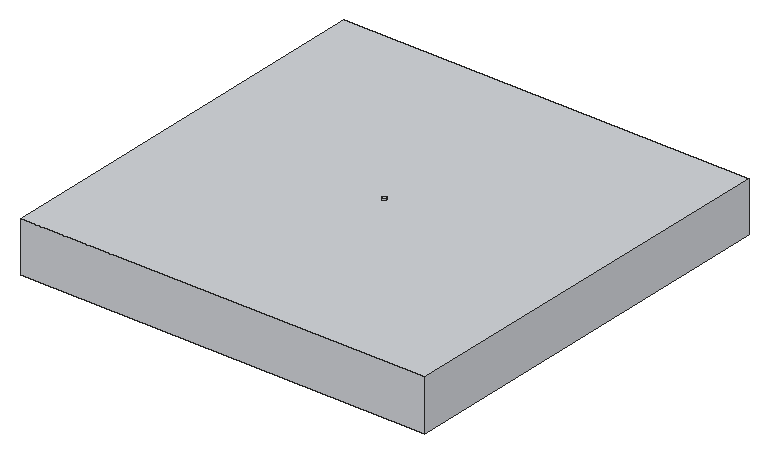
Revit family "M_Iluminação fixa - Conector de alimentação desequilibrada", category Luminárias, Revit 2019
Family settings
  Hospedeiro = Face
  Cota do conector redondo = Utilizar diâmetro
  Tipo de parte = Normal
  Número OmniClass = 23.80.70.00
  Título OmniClass = Lighting
  ID de item do Seek = Lighting Fixtures - Unbalanced Power Connector-0000-CAN-ENU
  Corte com vazios quando carregada = Não
  Fonte luminosa = Sim
  Compartilhado = Não
  Ponto de cálculo do ambiente = Não
Parameters (values of type "277 V")
  Wattage = 9.2903 W
  built-in parameter 1150110 = 1 (stored number, unit not read)
  built-in parameter 1114217 = 1 (stored number, unit not read)
  Espessura = 3.2 mm
  built-in parameter 1150109 = 1 (stored number, unit not read)
  built-in parameter 1150134 = (empty or 0)
  built-in parameter 1150113 = 1 (stored number, unit not read)
  Raio = Diâmetro / 2  # 12.7 mm
  Lumens = 1380 lm
  built-in parameter 1150115 = 1 (stored number, unit not read)
  built-in parameter 1150105 = 109.82 (stored number, unit not read)
  Classificação de carga = Iluminação
  Light Source Symbol Size = 609.6 mm
  built-in parameter 1150137 = (empty or 0)
  built-in parameter 1150139 = (empty or 0)
  built-in parameter 1150112 = 1 (stored number, unit not read)
  built-in parameter 1150114 = 1 (stored number, unit not read)
  built-in parameter 1150132 = 2
  built-in parameter 1150102 = (empty or 0)
  built-in parameter 1150138 = (empty or 0)
  built-in parameter 1150107 = 3000 (stored number, unit not read)
  built-in parameter 1150106 = 1.0982 (stored number, unit not read)
  built-in parameter 1150104 = 13.8 (stored number, unit not read)
  Dimming Lamp Color Temperature Shift = (empty or 0)
  Diâmetro = 25.4 mm
  Elevação-padrão = 1200 mm
  Voltagem do conector = 277 V
  Número de pólos do conector = 1
  Color Filter = 16777215
  built-in parameter 1114218 = 1 (stored number, unit not read)
  built-in parameter 1150133 = 10 (stored number, unit not read)
Types (6, lengths in mm): name | Espessura | Voltagem do conector | Número de pólos do conector
  (no name) | 3.2 | 277 V | 1
  120 V | 3.175 | 120 V | 1
  277 V | 3.2 | 277 V | 1
  240 V | 3.175 | 240 V | 2
  208 V | 3.175 | 208 V | 3
  480 V | 3.175 | 480 V | 3
Reference planes
  plane 1 "Centro (Frente/Trás)": y = 0
  plane 2: z = 0
  plane 3 "Centro (Esquerda/Direita)": x = 0
  plane 4: z = 3.2
Forms (mm)
  Extrusion 1, solid
    sketch origin (0, 0, 0) x (1, 0, 0) y (0, 1, 0)
      loop
        line (-1219.2, 1219.2) -> (-1219.2, -1219.2) -> (1219.2, -1219.2) -> (1219.2, 1219.2) -> (-1219.2, 1219.2)
    from 0 to -304.8
  Extrusion 2, solid
    sketch origin (0, 0, 0) x (1, 0, 0) y (0, 1, 0)
      loop
        circle (0, 0) r 12.7
    from 3.2 to 0
Dimensions and locks
  "Espessura": plane 4 to plane 2
  "Raio": radius of Extrusion 2 sketch curve
  aligned and locked: plane 2 to Extrusion 1
  aligned and locked: level to Extrusion 1
  aligned and locked: plane 1 "Centro (Frente/Trás)" to Extrusion 2 sketch curve
  aligned and locked: plane 3 "Centro (Esquerda/Direita)" to Extrusion 2 sketch curve
  aligned and locked: Extrusion 2 to plane 2
  aligned and locked: plane 4 to Extrusion 2
  aligned and locked: plane 3 "Centro (Esquerda/Direita)" to imposter light
  aligned and locked: plane 1 "Centro (Frente/Trás)" to imposter light
  aligned and locked: plane 2 to imposter light
Automatic sketch dimensions
  Extrusion 1 sketch curve to Extrusion 1 sketch curve = 2438.4 mm  (x2)
Connectors
  electrical at (0, 0, 3.2), driven by "Voltagem do conector", driven by "Número de pólos do conector", driven by "Classificação de carga"
    settings: on Extrusion 2, index 1, voltage 277 V, apparent load 0 VA, apparent load phase1 0 VA, apparent load phase2 0 VA, apparent load phase3 0 VA, power factor 1, load classification "Iluminação", number of poles 1, system type 31, power factor state 1, is connector primary yes, connector utility no, sub classification motor no, connector description ""
